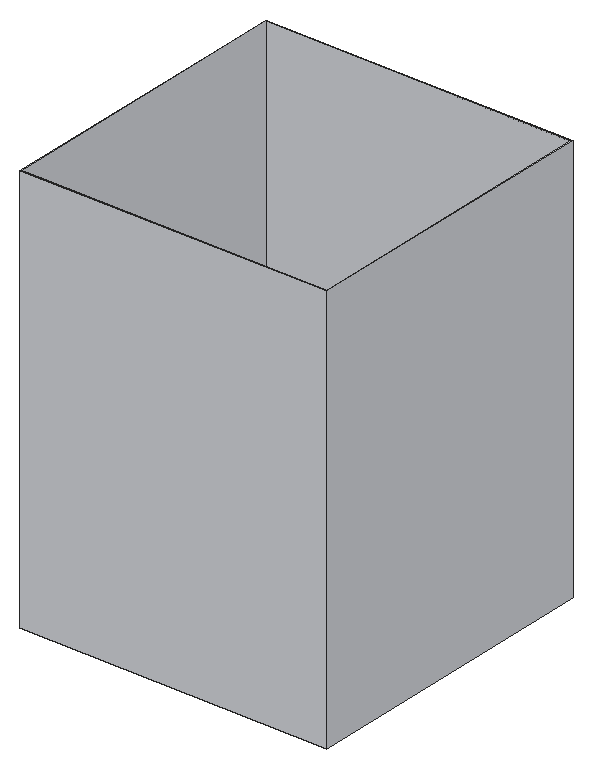
Revit family "LoadingAI_Opening_Vertical_Rectangle", category Generic Models, Revit 2027
Family settings
  Can host rebar = No
  Round Connector Dimension = Use Diameter
  Part Type = Normal
  Work Plane-Based = No
  Always vertical = Yes
  Cut with Voids When Loaded = Yes
  Maintain Annotation Orientation = No
  Shared = No
  Room Calculation Point = No
Parameters (values of type "Rectangle")
  Width [instance] = 300 mm
  OP_WidthMm [instance] = ""
  OP_SourceId [instance] = ""
  OP_Shape [instance] = ""
  OP_Key [instance] = ""
  OP_HostLinked [instance] = ""
  OP_HostId [instance] = ""
  OP_HeightMm [instance] = ""
  OP_DepthMm [instance] = ""
  Model = ""
  Height [instance] = 300 mm
  Depth [instance] = 400 mm
  Default Elevation = 0 mm
Reference planes
  plane 1 "Center (Front/Back)": y = 0
  plane 2 "Bottom": z = 0
  plane 3 "Center (Left/Right)": x = 0
  plane 4 "Top": z = 400
  plane 5: x = 150
  plane 6: x = -150
  plane 7 "Back": y = 150
  plane 8 "Front": y = -150
Forms (mm)
  Extrusion 1, solid
    sketch origin (0, 0, -250) x (-1, 0, 0) y (0, -1, 0)
      loop
        line (150, -150) -> (150, 150) -> (-150, 150) -> (-150, -150) -> (150, -150)
      loop
        line (149, -149) -> (149, 149) -> (-149, 149) -> (-149, -149) -> (149, -149)
    from 650 to 250
  Extrusion 2, void
    sketch origin (0, 0, -250) x (-1, 0, 0) y (0, -1, 0)
      loop
        line (150, -150) -> (150, 150) -> (-150, 150) -> (-150, -150) -> (150, -150)
    from 650 to 250
Lines and regions (mm)
  model lines
    curve 1: line (-150, 150, 0) -> (150, -150, 0)
    curve 2: line (150, 150, 0) -> (-150, -150, 0)
    curve 3: line (150, 150, 400) -> (-150, -150, 400)
    curve 4: line (-150, 150, 400) -> (150, -150, 400)
Dimensions and locks
  equal spacing: plane 8 "Front", plane 1 "Center (Front/Back)", plane 7 "Back"
  locked: Extrusion 1 sketch curve to Extrusion 1 sketch curve at 1  (x4)
  equal spacing: plane 6, plane 3 "Center (Left/Right)", plane 5
  "Depth": plane 4 "Top" to plane 2 "Bottom"
  "Width": plane 6 to plane 5
  "Height": plane 8 "Front" to plane 7 "Back"
  aligned and locked: level to plane 2 "Bottom"
  aligned and locked: plane 7 "Back" to Extrusion 1 sketch curve
  aligned and locked: plane 6 to Extrusion 1 sketch curve
  aligned and locked: plane 8 "Front" to Extrusion 1 sketch curve
  aligned and locked: Extrusion 1 sketch curve to plane 5
  aligned and locked: plane 4 "Top" to Extrusion 1
  aligned and locked: Extrusion 1 to plane 2 "Bottom"
  aligned and locked: plane 7 "Back" to Extrusion 2 sketch curve
  aligned and locked: plane 6 to Extrusion 2 sketch curve
  aligned and locked: plane 8 "Front" to Extrusion 2 sketch curve
  aligned and locked: Extrusion 2 sketch curve to plane 5
  aligned and locked: plane 4 "Top" to Extrusion 2
  aligned and locked: Extrusion 2 to plane 2 "Bottom"
  aligned and locked: plane 8 "Front" to curve 2
  aligned and locked: plane 5 to curve 1
  aligned and locked: plane 6 to curve 1
  aligned and locked: plane 5 to curve 3
  aligned and locked: plane 6 to curve 3
  aligned and locked: plane 7 "Back" to curve 4
  aligned and locked: plane 5 to curve 4
Automatic sketch dimensions
  plane 7 "Back" to curve 3 = 0 mm
  curve 3 to plane 8 "Front" = 0 mm
  curve 4 to plane 6 = 0 mm
  curve 4 to plane 8 "Front" = 0 mm
  curve 2 to plane 6 = 0 mm
  curve 2 to plane 5 = 0 mm
  plane 7 "Back" to curve 2 = 0 mm
  curve 1 to plane 8 "Front" = 0 mm
  plane 7 "Back" to curve 1 = 0 mm
